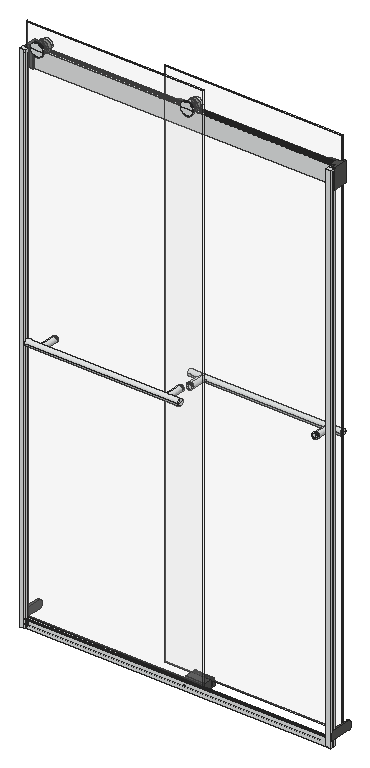
Revit family "Shower-Shower_Door-KOHLER-Levity_Plus-K-702422_1", category Specialty Equipment, host Face, Revit 2022 (continued)
Definition of nested family "K-702422"
  Lines and regions (in)
    symbolic lines, detail levels medium+fine
      curve 210: line (-25.03644, 0.32797, 37.83465) -> (-25.79766, 0.32797, 37.83465)
  Dimensions and locks (in)
    plane 5 "G" to level = 37.83465"
    "Walk Thru": plane 6 to plane 3 "Center (Left/Right)"
    locked: plane 7 to plane 6 at 0.77715
    locked: plane 6 to plane 8 "E" at 3.28921
    plane 9 to level = 71.53543"
    locked: plane 10 to plane 9 at 2.55906
    plane 14 to plane 15 = 6.92913"
    locked: plane 17 "C" to plane 8 "E" at 1.75
    locked: plane 7 to plane 20 at 0.34046
    locked: plane 19 "D" to plane 8 "E" at 25.2506
    locked: plane 10 to plane 18 "X" at 1.47897
    locked: plane 4 to plane 10 at 3.46457
    plane 4 to level = 77.55906"
    plane 21 to level = 77.55906"
    plane 7 to plane 22 = 44.64567"
    plane 3 "Center (Left/Right)" to plane 22 = 25.79766"
    plane 23 to level = 61.5748"
    locked: plane 24 "T" to plane 8 "E" at 19.87646
    locked: plane 3 "Center (Left/Right)" to plane 22 at 25.79766
    plane 26 to plane 27 = 22"
    locked: plane 28 to plane 29 at 22
    locked: plane 29 to plane 7 at 2.0865
    locked: plane 28 to plane 30 "H" at 1.9969
    Revolve 24 sketch curve to Revolve 24 sketch curve = 0.43307"
    locked: Masking region 3 sketch curve to plane 32 "R" at 0.38638
    locked: plane 30 "H" to Masking region 4 sketch curve at 0.40731
    locked: Revolve 31 sketch curve to plane 30 "H" at 0.40731
    locked: Revolve 32 sketch curve to plane 8 "E" at 0.40731
    aligned and locked: plane 2 to level
    aligned and locked: plane 6 to Extrusion 5
    aligned and locked: plane 6 to Extrusion 8
    aligned and locked: plane 7 to Extrusion 13 sketch curve
    aligned and locked: plane 7 to Extrusion 14
    aligned and locked: plane 20 to Extrusion 14
    aligned and locked: plane 6 to Extrusion 15 sketch curve
    aligned and locked: plane 7 to Extrusion 15 sketch curve
    aligned and locked: plane 20 to Extrusion 17 sketch curve
    aligned and locked: Masking region 1 sketch curve to plane 7
    aligned and locked: Masking region 1 sketch curve to Extrusion 13
    aligned and locked: Masking region 1 sketch curve to plane 6
    aligned and locked: Extrusion 13 to curve 47
    aligned and locked: Extrusion 9 to Revolve 19 sketch curve
    aligned and locked: plane 6 to Extrusion 21
    aligned and locked: Masking region 2 sketch curve to Extrusion 10
    aligned and locked: plane 20 to Masking region 3 sketch curve  (x2)
    aligned and locked: Masking region 3 sketch curve to Extrusion 13
    aligned and locked: plane 6 to Masking region 3 sketch curve  (x2)
    aligned and locked: plane 7 to Masking region 3 sketch curve
    aligned and locked: Extrusion 13 to Masking region 3 sketch curve
    aligned and locked: Masking region 4 sketch curve to Extrusion 17
    aligned and locked: Masking region 4 sketch curve to Revolve 11
    aligned and locked: plane 20 to Masking region 4 sketch curve
    aligned and locked: Masking region 4 sketch curve to Revolve 12  (x3)
    aligned and locked: plane 6 to curve 146
    aligned and locked: curve 147 to Extrusion 13
    aligned and locked: Revolve 24 sketch curve to plane 28
    aligned and locked: Revolve 24 sketch curve to plane 29
    aligned and locked: curve 191 to Revolve 23
    aligned and locked: Masking region 3 sketch curve to Masking region 3 sketch curve
    aligned and locked: plane 28 to Masking region 4 sketch curve
    aligned and locked: plane 29 to Masking region 4 sketch curve
    aligned and locked: Masking region 4 sketch curve to Masking region 4 sketch curve
    aligned and locked: curve 199 to Masking region 4  (x2)
    aligned and locked: curve 198 to Masking region 4
    aligned and locked: curve 203 to Masking region 3
    aligned and locked: Masking region 3 to Masking region 3
    aligned and locked: curve 203 to curve 205
    aligned and locked: curve 205 to Masking region 3
    aligned and locked: curve 99 to Masking region 3
    aligned and locked: curve 206 to Masking region 3
    aligned and locked: Masking region 3 to curve 206
    aligned and locked: Masking region 3 to curve 204
    aligned and locked: curve 208 to Masking region 3
    aligned and locked: curve 197 to Masking region 4
    aligned and locked: Revolve 31 sketch curve to plane 30 "H"  (x2)
    aligned and locked: Revolve 32 sketch curve to plane 8 "E"
    aligned and locked: plane 8 "E" to Revolve 32 sketch curve
    aligned and locked: Revolve 33 sketch curve to plane 28
    aligned and locked: Revolve 33 sketch curve to plane 33
    aligned and locked: Revolve 33 sketch curve to plane 29
    aligned and locked: Masking region 4 to curve 197
  Automatic sketch dimensions
    Extrusion 1 sketch curve to Extrusion 1 sketch curve = 0.03079"
    Extrusion 1 sketch curve to Extrusion 1 sketch curve = 0.2541"
    Extrusion 1 sketch curve to Extrusion 1 sketch curve = 0.25668"
    Extrusion 1 sketch curve to Extrusion 1 sketch curve = 0.0315"  (x2)
    Extrusion 1 sketch curve to Extrusion 1 sketch curve = 0.60218"
    Extrusion 1 sketch curve to Extrusion 1 sketch curve = 0.03039"
    Extrusion 1 sketch curve to plane 1 "Center (Front/Back)" = 0.35413"
    Extrusion 1 sketch curve to Extrusion 1 sketch curve = 0.47171"
    Extrusion 1 sketch curve to Extrusion 1 sketch curve = 1.10192"
    Extrusion 1 sketch curve to Extrusion 1 sketch curve = 0.00743"
    Extrusion 1 sketch curve to Extrusion 1 sketch curve = 0.34229"
    plane 1 "Center (Front/Back)" to Extrusion 2 sketch curve = 0"  (x2)
    Extrusion 2 sketch curve to Extrusion 2 sketch curve = 0.04131"
    Extrusion 2 sketch curve to Extrusion 2 sketch curve = 0.09136"
    Extrusion 2 sketch curve to Extrusion 2 sketch curve = 0.19461"  (x2)
    Extrusion 2 sketch curve to Extrusion 2 sketch curve = 0.14115"  (x2)
    plane 1 "Center (Front/Back)" to Extrusion 2 sketch curve = 0.32797"
    Extrusion 2 sketch curve to Extrusion 2 sketch curve = 0.00361"  (x2)
    Extrusion 2 sketch curve to Extrusion 2 sketch curve = 0.10339"
    plane 1 "Center (Front/Back)" to Extrusion 2 sketch curve = 0.30702"
    Extrusion 2 sketch curve to Extrusion 2 sketch curve = 0.03454"  (x2)
    Extrusion 2 sketch curve to Extrusion 2 sketch curve = 0.01994"  (x2)
    Extrusion 2 sketch curve to Extrusion 2 sketch curve = 0.04271"  (x2)
    Extrusion 2 sketch curve to Extrusion 2 sketch curve = 0.06265"
    Extrusion 2 sketch curve to plane 1 "Center (Front/Back)" = 0.20982"
    Extrusion 2 sketch curve to Extrusion 2 sketch curve = 0"
    Extrusion 2 sketch curve to plane 1 "Center (Front/Back)" = 0.22464"
    Extrusion 3 sketch curve to Extrusion 3 sketch curve = 0.05752"  (x2)
    plane 1 "Center (Front/Back)" to Extrusion 3 sketch curve = 0.32797"
    Extrusion 3 sketch curve to Extrusion 3 sketch curve = 0.59999"  (x2)
    Extrusion 3 sketch curve to Extrusion 3 sketch curve = 0.00361"  (x2)
    Extrusion 3 sketch curve to Extrusion 3 sketch curve = 0.10339"
    plane 1 "Center (Front/Back)" to Extrusion 3 sketch curve = 0.30702"
    Extrusion 3 sketch curve to Extrusion 3 sketch curve = 0.05449"  (x2)
    Extrusion 3 sketch curve to plane 1 "Center (Front/Back)" = 0.22464"
    Extrusion 3 sketch curve to plane 1 "Center (Front/Back)" = 0.25253"
    plane 1 "Center (Front/Back)" to Extrusion 4 sketch curve = 0.20982"
    Extrusion 4 sketch curve to Extrusion 4 sketch curve = 0.01972"
    Extrusion 4 sketch curve to Extrusion 4 sketch curve = 0.25882"
    level to Extrusion 4 sketch curve = 1.05663"
    Extrusion 4 sketch curve to Extrusion 4 sketch curve = 0.57809"
    Extrusion 5 sketch curve to level = 0"
    Extrusion 5 sketch curve to plane 1 "Center (Front/Back)" = 0"
    plane 1 "Center (Front/Back)" to Extrusion 5 sketch curve = 0.19878"
    Extrusion 5 sketch curve to plane 1 "Center (Front/Back)" = 3/128"
    Extrusion 5 sketch curve to Extrusion 5 sketch curve = 0.04434"
    Extrusion 5 sketch curve to Extrusion 5 sketch curve = 0.04019"
    Extrusion 5 sketch curve to Extrusion 5 sketch curve = 0.07819"
    Extrusion 5 sketch curve to Extrusion 5 sketch curve = 0.0297"
    Extrusion 5 sketch curve to Extrusion 5 sketch curve = 0.02696"
    level to Extrusion 5 sketch curve = 0.07959"
    Extrusion 5 sketch curve to plane 1 "Center (Front/Back)" = 0.14319"
    Extrusion 5 sketch curve to Extrusion 5 sketch curve = 0.05652"
    Extrusion 5 sketch curve to Extrusion 5 sketch curve = 0.06857"
    Extrusion 5 sketch curve to Extrusion 5 sketch curve = 0.02971"
    Extrusion 5 sketch curve to Extrusion 5 sketch curve = 0.03753"
    Extrusion 5 sketch curve to Extrusion 5 sketch curve = 0.02998"
    Extrusion 5 sketch curve to Extrusion 5 sketch curve = 45/128"
    Extrusion 5 sketch curve to Extrusion 5 sketch curve = 0.34333"
    Extrusion 5 sketch curve to Extrusion 5 sketch curve = 0.07224"
    Extrusion 5 sketch curve to Extrusion 5 sketch curve = 0.01101"
    Extrusion 5 sketch curve to Extrusion 5 sketch curve = 15/128"
    Extrusion 5 sketch curve to Extrusion 5 sketch curve = 0.50603"
    Extrusion 5 sketch curve to Extrusion 5 sketch curve = 0.00157"
    Extrusion 5 sketch curve to Extrusion 5 sketch curve = 0.02425"
    Extrusion 5 sketch curve to Extrusion 5 sketch curve = 0.01999"
    Extrusion 5 sketch curve to Extrusion 5 sketch curve = 0.04542"
    Extrusion 5 sketch curve to Extrusion 5 sketch curve = 0.01816"
    Revolve 6 sketch curve to plane 13 = 0"  (x2)
    Revolve 6 sketch curve to plane 1 "Center (Front/Back)" = 1.79905"
    Revolve 6 sketch curve to Revolve 6 sketch curve = 0.36643"
    Revolve 6 sketch curve to Revolve 6 sketch curve = 0.18701"  (x2)
    Revolve 6 sketch curve to Revolve 6 sketch curve = 0.13646"
    Revolve 6 sketch curve to Revolve 6 sketch curve = 0.19685"  (x2)
    Revolve 6 sketch curve to Revolve 6 sketch curve = 0.35769"
    Revolve 6 sketch curve to plane 1 "Center (Front/Back)" = 0.06827"
    Revolve 6 sketch curve to plane 1 "Center (Front/Back)" = 0.02811"
    plane 1 "Center (Front/Back)" to Revolve 6 sketch curve = 0.09751"
    Revolve 6 sketch curve to Revolve 6 sketch curve = 0.04293"
    plane 13 to Revolve 6 sketch curve = 0.4638"
    plane 13 to Revolve 6 sketch curve = 0.47661"
    Revolve 6 sketch curve to Revolve 6 sketch curve = 0.05951"
    Revolve 6 sketch curve to Revolve 6 sketch curve = 0.21742"
    Revolve 6 sketch curve to Revolve 6 sketch curve = 0.26917"
    Revolve 6 sketch curve to Revolve 6 sketch curve = 0.05219"
    Revolve 6 sketch curve to Revolve 6 sketch curve = 0.23207"
    Revolve 6 sketch curve to Revolve 6 sketch curve = 0.00276"
    Revolve 6 sketch curve to Revolve 6 sketch curve = 0.04017"
    Revolve 6 sketch curve to Revolve 6 sketch curve = 0.98425"
    Revolve 6 sketch curve to Revolve 6 sketch curve = 0"
    Revolve 7 sketch curve to plane 12 = 5.51575"  (x2)
    Revolve 7 sketch curve to plane 1 "Center (Front/Back)" = 1.79905"
    Revolve 7 sketch curve to Revolve 7 sketch curve = 0.36643"
    Revolve 7 sketch curve to Revolve 7 sketch curve = 0.18701"  (x2)
    Revolve 7 sketch curve to Revolve 7 sketch curve = 0.13646"
    Revolve 7 sketch curve to Revolve 7 sketch curve = 0.19685"  (x2)
    Revolve 7 sketch curve to Revolve 7 sketch curve = 0.35769"
    Revolve 7 sketch curve to plane 1 "Center (Front/Back)" = 0.06827"
    Revolve 7 sketch curve to plane 1 "Center (Front/Back)" = 0.02811"
    plane 1 "Center (Front/Back)" to Revolve 7 sketch curve = 0.09751"
    Revolve 7 sketch curve to Revolve 7 sketch curve = 0.04293"
    Revolve 7 sketch curve to plane 12 = 5.05195"
    Revolve 7 sketch curve to plane 12 = 5.03914"
    Revolve 7 sketch curve to Revolve 7 sketch curve = 0.05951"
    Revolve 7 sketch curve to Revolve 7 sketch curve = 0.21742"
    Revolve 7 sketch curve to Revolve 7 sketch curve = 0.26917"
    Revolve 7 sketch curve to Revolve 7 sketch curve = 0.05219"
    Revolve 7 sketch curve to Revolve 7 sketch curve = 0.23207"
    Revolve 7 sketch curve to Revolve 7 sketch curve = 0.00276"
    Revolve 7 sketch curve to Revolve 7 sketch curve = 0.04017"
    Revolve 7 sketch curve to Revolve 7 sketch curve = 0.98425"
    Revolve 7 sketch curve to Revolve 7 sketch curve = 0"
    Extrusion 8 sketch curve to plane 9 = 0"
    Extrusion 8 sketch curve to plane 10 = 0"  (x2)
    Extrusion 8 sketch curve to plane 1 "Center (Front/Back)" = 0.97838"
    Extrusion 8 sketch curve to plane 10 = 0.01983"
    Extrusion 8 sketch curve to Extrusion 8 sketch curve = 0.04771"
    Extrusion 8 sketch curve to plane 10 = 0.17086"
    Extrusion 8 sketch curve to Extrusion 8 sketch curve = 0.19946"
    Extrusion 8 sketch curve to Extrusion 8 sketch curve = 0.06749"
    Extrusion 8 sketch curve to Extrusion 8 sketch curve = 0.07625"
    Extrusion 8 sketch curve to plane 10 = 0.09209"
    Extrusion 8 sketch curve to Extrusion 8 sketch curve = 0.10945"
    Extrusion 8 sketch curve to Extrusion 8 sketch curve = 0.00724"
    Extrusion 8 sketch curve to Extrusion 8 sketch curve = 0.01781"
    Extrusion 8 sketch curve to Extrusion 8 sketch curve = 0.07472"
    plane 9 to Extrusion 8 sketch curve = 0.24844"
    Extrusion 8 sketch curve to Extrusion 8 sketch curve = 0.26709"
    Extrusion 8 sketch curve to Extrusion 8 sketch curve = 0.25238"
    Extrusion 8 sketch curve to Extrusion 8 sketch curve = 0.11432"
    Extrusion 8 sketch curve to Extrusion 8 sketch curve = 0.167"
    Extrusion 8 sketch curve to Extrusion 8 sketch curve = 0.38221"
    Extrusion 8 sketch curve to Extrusion 8 sketch curve = 0.02708"
    plane 9 to Extrusion 8 sketch curve = 0.06014"
    Extrusion 8 sketch curve to Extrusion 8 sketch curve = 0.03426"
    Extrusion 8 sketch curve to Extrusion 8 sketch curve = 0.04358"
    Extrusion 8 sketch curve to Extrusion 8 sketch curve = 0.05805"
    Extrusion 8 sketch curve to Extrusion 8 sketch curve = 0.04965"
    Extrusion 8 sketch curve to Extrusion 8 sketch curve = 0.03062"
    Extrusion 8 sketch curve to Extrusion 8 sketch curve = 0.27127"
    Extrusion 8 sketch curve to Extrusion 8 sketch curve = 0.01337"
    Extrusion 8 sketch curve to Extrusion 8 sketch curve = 1/8"
    Extrusion 8 sketch curve to Extrusion 8 sketch curve = 0.62317"
    Extrusion 8 sketch curve to Extrusion 8 sketch curve = 0.09894"
    Extrusion 8 sketch curve to Extrusion 8 sketch curve = 0.11003"
    Extrusion 8 sketch curve to Extrusion 8 sketch curve = 0.06863"
    Extrusion 8 sketch curve to Extrusion 8 sketch curve = 0.04403"
    Extrusion 8 sketch curve to Extrusion 8 sketch curve = 0.07343"
    Extrusion 8 sketch curve to Extrusion 8 sketch curve = 0.06223"
    Extrusion 9 sketch curve to plane 3 "Center (Left/Right)" = 0.06152"  (x2)
    Extrusion 9 sketch curve to plane 1 "Center (Front/Back)" = 0.7253"
    Extrusion 9 sketch curve to Extrusion 9 sketch curve = 0.156"  (x2)
    Extrusion 9 sketch curve to plane 3 "Center (Left/Right)" = 0.22365"
    Extrusion 9 sketch curve to Extrusion 9 sketch curve = 0.18895"
    Extrusion 10 sketch curve to level = 0"
    Extrusion 10 sketch curve to plane 1 "Center (Front/Back)" = 0.30693"
    Extrusion 10 sketch curve to Extrusion 10 sketch curve = 0.16911"
    Extrusion 10 sketch curve to Extrusion 10 sketch curve = 0.03435"
    Extrusion 10 sketch curve to Extrusion 10 sketch curve = 0.04675"
    Extrusion 10 sketch curve to Extrusion 10 sketch curve = 0.27567"
    Extrusion 10 sketch curve to Extrusion 10 sketch curve = 0.02104"  (x2)
    level to Extrusion 10 sketch curve = 0.22974"  (x2)
    Extrusion 10 sketch curve to Extrusion 10 sketch curve = 0.10752"
    Extrusion 10 sketch curve to Extrusion 10 sketch curve = 0.08964"  (x2)
    Extrusion 10 sketch curve to Extrusion 10 sketch curve = 0.18469"  (x2)
    level to Extrusion 10 sketch curve = 0.22333"  (x2)
    Extrusion 10 sketch curve to Extrusion 10 sketch curve = 0.08608"  (x2)
    Extrusion 10 sketch curve to plane 1 "Center (Front/Back)" = 0.99117"
    Extrusion 10 sketch curve to Extrusion 10 sketch curve = 0.41665"  (x2)
    Extrusion 10 sketch curve to Extrusion 10 sketch curve = 0.04608"  (x2)
    Extrusion 10 sketch curve to Extrusion 10 sketch curve = 1.03242"
    level to Extrusion 10 sketch curve = 1.02412"
    Extrusion 10 sketch curve to Extrusion 10 sketch curve = 0.04197"
    Extrusion 10 sketch curve to Extrusion 10 sketch curve = 0.13366"
    level to Extrusion 10 sketch curve = 1.04611"
    Extrusion 10 sketch curve to Extrusion 10 sketch curve = 0.02291"
    Extrusion 10 sketch curve to Extrusion 10 sketch curve = 0.2467"
    level to Extrusion 10 sketch curve = 0.08994"
    Extrusion 10 sketch curve to Extrusion 10 sketch curve = 0.03772"
    Extrusion 10 sketch curve to Extrusion 10 sketch curve = 0.08809"
    Extrusion 10 sketch curve to Extrusion 10 sketch curve = 0.08169"
    Extrusion 10 sketch curve to Extrusion 10 sketch curve = 0.79837"
    Extrusion 10 sketch curve to Extrusion 10 sketch curve = 0.00241"
    Extrusion 10 sketch curve to Extrusion 10 sketch curve = 0.0012"
    Extrusion 10 sketch curve to Extrusion 10 sketch curve = 0.02268"
    Extrusion 10 sketch curve to Extrusion 10 sketch curve = 0.02105"
    Extrusion 10 sketch curve to Extrusion 10 sketch curve = 0.00037"
    Extrusion 10 sketch curve to Extrusion 10 sketch curve = 1.18136"
    plane 18 "X" to Revolve 12 sketch curve = 0"  (x2)
    Revolve 12 sketch curve to plane 18 "X" = 0.60618"
    Revolve 12 sketch curve to Revolve 12 sketch curve = 0.05802"
    Revolve 12 sketch curve to Revolve 12 sketch curve = 0.12991"
    Revolve 12 sketch curve to Revolve 12 sketch curve = 0.23375"
    Revolve 12 sketch curve to Revolve 12 sketch curve = 0.00086"
    Revolve 12 sketch curve to Revolve 12 sketch curve = 0.04165"  (x2)
    Revolve 12 sketch curve to Revolve 12 sketch curve = 0.04078"
    Revolve 12 sketch curve to Revolve 12 sketch curve = 0.12631"
    Revolve 12 sketch curve to Revolve 12 sketch curve = 0.29364"
    Revolve 12 sketch curve to Revolve 12 sketch curve = 0.3614"
    Revolve 12 sketch curve to Revolve 12 sketch curve = 0.25664"
    Revolve 12 sketch curve to Revolve 12 sketch curve = 0.3937"
    Revolve 12 sketch curve to Revolve 12 sketch curve = 0.50511"
    plane 1 "Center (Front/Back)" to Extrusion 14 sketch curve = 0.23901"
    Extrusion 14 sketch curve to Extrusion 14 sketch curve = 0.01972"
    Extrusion 14 sketch curve to Extrusion 14 sketch curve = 0.25882"
    level to Extrusion 14 sketch curve = 2.13263"
    Extrusion 14 sketch curve to Extrusion 14 sketch curve = 0.57809"
    Extrusion 17 sketch curve to Extrusion 17 sketch curve = 0.04735"
    Extrusion 17 sketch curve to Extrusion 17 sketch curve = 0.156"  (x2)
    Extrusion 17 sketch curve to Extrusion 17 sketch curve = 0.21741"
    Extrusion 17 sketch curve to plane 19 "D" = 3.59121"
    Extrusion 17 sketch curve to Extrusion 17 sketch curve = 0.16214"
    Extrusion 18 sketch curve to plane 1 "Center (Front/Back)" = 0.32797"
    plane 1 "Center (Front/Back)" to Extrusion 18 sketch curve = 0.32797"
    Extrusion 18 sketch curve to Extrusion 18 sketch curve = 0.76451"
    Revolve 19 sketch curve to plane 12 = 5.51575"  (x2)
    Revolve 19 sketch curve to Revolve 19 sketch curve = 0.19685"  (x2)
    Revolve 19 sketch curve to Revolve 19 sketch curve = 0.13646"
    Revolve 19 sketch curve to Revolve 19 sketch curve = 0.37402"
    Revolve 19 sketch curve to Revolve 19 sketch curve = 0.36643"
    Revolve 19 sketch curve to plane 1 "Center (Front/Back)" = 0.06827"
    plane 1 "Center (Front/Back)" to Revolve 19 sketch curve = 0.14044"
    Revolve 19 sketch curve to plane 12 = 4.97963"
    Revolve 19 sketch curve to Revolve 19 sketch curve = 0.12453"
    Revolve 19 sketch curve to Revolve 19 sketch curve = 0.15792"
    Revolve 19 sketch curve to Revolve 19 sketch curve = 0.07232"
    Revolve 19 sketch curve to Revolve 19 sketch curve = 0.05219"
    Revolve 19 sketch curve to Revolve 19 sketch curve = 0.275"
    Revolve 19 sketch curve to Revolve 19 sketch curve = 0.31118"
    Revolve 20 sketch curve to plane 13 = 0"  (x2)
    Revolve 20 sketch curve to plane 1 "Center (Front/Back)" = 1.79905"
    Revolve 20 sketch curve to Revolve 20 sketch curve = 0.36643"
    Revolve 20 sketch curve to Revolve 20 sketch curve = 0.37402"
    Revolve 20 sketch curve to Revolve 20 sketch curve = 0.13646"
    Revolve 20 sketch curve to Revolve 20 sketch curve = 0.19685"  (x2)
    Revolve 20 sketch curve to plane 1 "Center (Front/Back)" = 0.06827"
    plane 1 "Center (Front/Back)" to Revolve 20 sketch curve = 0.14044"
    plane 13 to Revolve 20 sketch curve = 0.53612"
    Revolve 20 sketch curve to Revolve 20 sketch curve = 0.12453"
    Revolve 20 sketch curve to Revolve 20 sketch curve = 0.15792"
    Revolve 20 sketch curve to Revolve 20 sketch curve = 0.07232"
    Revolve 20 sketch curve to Revolve 20 sketch curve = 0.05219"
    Revolve 20 sketch curve to Revolve 20 sketch curve = 0.275"
    Revolve 20 sketch curve to Revolve 20 sketch curve = 0.31118"
    Extrusion 21 sketch curve to plane 10 = 0"
    Extrusion 21 sketch curve to plane 1 "Center (Front/Back)" = 0.97838"
    Extrusion 21 sketch curve to plane 9 = 0"
    Extrusion 21 sketch curve to Extrusion 21 sketch curve = 0.94794"
    plane 18 "X" to Revolve 11 sketch curve = 0"  (x2)
    Revolve 11 sketch curve to plane 10 = 0.53937"
    Revolve 11 sketch curve to Revolve 11 sketch curve = 0.04078"  (x2)
    Revolve 11 sketch curve to Revolve 11 sketch curve = 0.12631"
    Revolve 11 sketch curve to plane 10 = 0.58102"
    Revolve 11 sketch curve to Revolve 11 sketch curve = 0.04165"
    Revolve 11 sketch curve to Revolve 11 sketch curve = 0.29364"
    Revolve 11 sketch curve to Revolve 11 sketch curve = 0.3614"
    Revolve 11 sketch curve to Revolve 11 sketch curve = 0.25664"
    Revolve 11 sketch curve to plane 18 "X" = 0.60618"
    Revolve 11 sketch curve to Revolve 11 sketch curve = 0.05802"
    Revolve 11 sketch curve to Revolve 11 sketch curve = 0.12991"
    Revolve 11 sketch curve to Revolve 11 sketch curve = 0.3937"
    Revolve 11 sketch curve to Revolve 11 sketch curve = 0.50511"
    Extrusion 1 sketch curve to plane 22 = 0"
    plane 22 to Extrusion 1 sketch curve = 0.0315"
    plane 22 to Extrusion 1 sketch curve = 81/256"
    Extrusion 2 sketch curve to plane 22 = 0"  (x2)
    plane 22 to Extrusion 2 sketch curve = 0.05752"  (x2)
    plane 22 to Extrusion 2 sketch curve = 0.18908"
    Extrusion 3 sketch curve to plane 22 = 0"
    plane 22 to Extrusion 9 sketch curve = 0.56656"
    Extrusion 18 sketch curve to plane 22 = 0"
    curve 13 to plane 9 = 0.19502"
    plane 10 to curve 24 = 0.183"
    curve 21 to curve 24 = 0.03682"
    plane 10 to curve 13 = 0.21982"
    curve 8 to curve 21 = 0.0365"
    level to curve 30 = 0.72015"
    level to curve 23 = 0.08036"
    curve 21 to plane 1 "Center (Front/Back)" = 0.4133"
    curve 30 to plane 1 "Center (Front/Back)" = 0.4133"
    curve 1 to curve 22 = 0.05917"
    curve 21 to curve 20 = 0.02657"
    curve 21 to curve 24 = 0.08166"
    plane 1 "Center (Front/Back)" to curve 32 = 0.20982"
    curve 23 to curve 24 = 0.06265"
    curve 20 to plane 9 = 0.07481"
    curve 22 to curve 20 = 0.00106"
    plane 9 to curve 18 = 0.1405"
    curve 18 to curve 17 = 0"  (x2)
    curve 14 to curve 17 = 0.2754"
    curve 16 to curve 14 = 0.05796"
    curve 15 to curve 16 = 0.00005"
    curve 16 to plane 18 "X" = 0.60623"
    curve 15 to curve 16 = 0"
    curve 14 to curve 15 = 0.05796"
    curve 18 to curve 14 = 0.2754"
    curve 7 to plane 11 "A" = 0.4638"
    curve 6 to curve 7 = 0"
    curve 4 to curve 6 = 0.07232"
    curve 3 to curve 4 = 0"
    curve 9 to plane 1 "Center (Front/Back)" = 0.06827"
    curve 9 to curve 7 = 0.19685"
    curve 2 to curve 3 = 0.15792"
    curve 5 to curve 4 = 0.19685"
    curve 11 to plane 1 "Center (Front/Back)" = 0.02728"
    curve 11 to curve 9 = 0.27504"
    curve 11 to curve 10 = 0"
    curve 35 to curve 30 = 1.41249"
    curve 33 to curve 35 = 0"
    curve 34 to curve 35 = 0"
    curve 29 to curve 30 = 0.33649"
    curve 28 to curve 29 = 0"
    curve 29 to curve 36 = 0"
    curve 23 to curve 27 = 0"
    curve 18 to curve 12 = 0.58856"
    curve 18 to curve 17 = 0.12631"
    curve 17 to curve 14 = 0.04165"
    curve 28 to curve 28 = 0.17689"
    curve 14 to curve 15 = 0.29364"
    curve 28 to curve 33 = 0.08175"
    curve 15 to curve 16 = 0.0494"
    curve 28 to curve 29 = 0.08175"
    curve 13 to curve 19 = 0.23444"
    curve 33 to curve 33 = 0.312"
    curve 12 to curve 12 = 0.23444"
    curve 19 to curve 1 = 0.36888"
    curve 2 to curve 6 = 1.01932"
    curve 2 to curve 3 = 0.37402"
    curve 29 to curve 31 = 0.62292"
    curve 3 to curve 4 = 0.13646"
    curve 4 to curve 5 = 0.19685"
    curve 34 to curve 35 = 0.45283"
    curve 29 to curve 36 = 0.31092"
    curve 30 to curve 30 = 0.19605"
    curve 34 to curve 35 = 0.14083"
    curve 6 to curve 7 = 0.04569"
    curve 32 to curve 26 = 0.05556"
    curve 35 to curve 35 = 0.05509"
    curve 37 to curve 36 = 0.03445"
    curve 26 to curve 25 = 0.06265"
    plane 1 "Center (Front/Back)" to curve 10 = 0.09747"
    curve 10 to curve 8 = 11/256"
    curve 55 to plane 9 = 0.07375"
    curve 55 to curve 55 = 0.23444"
    curve 54 to plane 9 = 0.07375"
    curve 54 to plane 1 "Center (Front/Back)" = 0.7253"
    curve 54 to curve 54 = 0.312"
    curve 56 to plane 1 "Center (Front/Back)" = 0.32797"
    plane 1 "Center (Front/Back)" to curve 56 = 0.14044"
    plane 10 to curve 56 = 0.21982"
    Extrusion 13 sketch curve to plane 25 = 1.83498"
    Extrusion 13 sketch curve to Extrusion 13 sketch curve = 0.10187"
    Extrusion 13 sketch curve to plane 20 = 0.03713"
    Extrusion 13 sketch curve to Extrusion 13 sketch curve = 0.20309"
    plane 20 to Extrusion 13 sketch curve = 0.05161"
    Extrusion 13 sketch curve to Extrusion 13 sketch curve = 0.06158"
    Extrusion 13 sketch curve to plane 25 = 51/128"
    Extrusion 13 sketch curve to Extrusion 13 sketch curve = 0.06723"
    plane 20 to Extrusion 13 sketch curve = 0.01208"
    Extrusion 13 sketch curve to Extrusion 13 sketch curve = 0.06013"
    plane 25 to Extrusion 13 sketch curve = 0.19477"
    Extrusion 13 sketch curve to plane 20 = 0.03488"
    Extrusion 13 sketch curve to plane 6 = 0.14544"
    Extrusion 15 sketch curve to plane 7 = 0"
    plane 25 to Extrusion 15 sketch curve = 0.24174"
    Extrusion 15 sketch curve to Extrusion 15 sketch curve = 0.07874"  (x2)
    plane 1 "Center (Front/Back)" to Extrusion 15 sketch curve = 0.23901"
    plane 6 to Extrusion 15 sketch curve = 0.07874"
    Extrusion 16 sketch curve to plane 6 = 0"
    Extrusion 16 sketch curve to plane 7 = 0"
    plane 1 "Center (Front/Back)" to Extrusion 16 sketch curve = 0.31775"
    plane 25 to Extrusion 16 sketch curve = 0.24174"
    Masking region 1 sketch curve to plane 22 = 0"
    Masking region 1 sketch curve to plane 4 = 0"
    Masking region 1 sketch curve to level = 0"
    Masking region 1 sketch curve to plane 20 = 0"
    plane 22 to Masking region 1 sketch curve = 0.32149"
    plane 22 to Masking region 1 sketch curve = 0.32175"
    level to Masking region 1 sketch curve = 0.07959"
    level to Masking region 1 sketch curve = 0.08036"
    plane 10 to Masking region 1 sketch curve = 0.25632"
    Revolve 22 sketch curve to plane 5 "G" = 0"  (x2)
    plane 5 "G" to Revolve 22 sketch curve = 0.40731"
    Revolve 22 sketch curve to plane 25 = 1.55027"
    Revolve 22 sketch curve to Revolve 22 sketch curve = 0.03915"
    Revolve 22 sketch curve to Revolve 22 sketch curve = 0.19685"  (x2)
    Revolve 22 sketch curve to Revolve 22 sketch curve = 0.02445"
    Revolve 22 sketch curve to Revolve 22 sketch curve = 0.04375"
    Revolve 22 sketch curve to Revolve 22 sketch curve = 0.26419"
    Revolve 23 sketch curve to plane 1 "Center (Front/Back)" = 2.08042"
    Revolve 23 sketch curve to plane 5 "G" = 0.42227"
    Revolve 23 sketch curve to plane 5 "G" = 0.40731"
    Revolve 23 sketch curve to Revolve 23 sketch curve = 0.02445"
    Revolve 23 sketch curve to Revolve 23 sketch curve = 0.04375"
    Revolve 23 sketch curve to plane 1 "Center (Front/Back)" = 1.85912"
    Revolve 23 sketch curve to Revolve 23 sketch curve = 0.39781"
    Revolve 23 sketch curve to Revolve 23 sketch curve = 0"
    Revolve 23 sketch curve to plane 1 "Center (Front/Back)" = 1.66227"
    Revolve 23 sketch curve to Revolve 23 sketch curve = 0.26419"
    Revolve 25 sketch curve to plane 5 "G" = 0"  (x2)
    Revolve 25 sketch curve to plane 16 = 0"
    Revolve 25 sketch curve to plane 25 = 0.14179"
    Revolve 25 sketch curve to Revolve 25 sketch curve = 0.05866"
    Revolve 25 sketch curve to Revolve 25 sketch curve = 0.20589"
    Revolve 25 sketch curve to Revolve 25 sketch curve = 0.23232"
    plane 5 "G" to Revolve 25 sketch curve = 0.26853"
    Revolve 25 sketch curve to Revolve 25 sketch curve = 0.10521"
    plane 14 to Revolve 25 sketch curve = 0.20073"
    Revolve 25 sketch curve to Revolve 25 sketch curve = 0.3937"
    Revolve 26 sketch curve to plane 5 "G" = 0"  (x2)
    Revolve 26 sketch curve to plane 16 = 0"
    Revolve 26 sketch curve to plane 25 = 0.14179"
    Revolve 26 sketch curve to Revolve 26 sketch curve = 0.05866"
    Revolve 26 sketch curve to Revolve 26 sketch curve = 0.20589"
    Revolve 26 sketch curve to Revolve 26 sketch curve = 0.23232"
    plane 5 "G" to Revolve 26 sketch curve = 0.26853"
    Revolve 26 sketch curve to Revolve 26 sketch curve = 0.10521"
    plane 14 to Revolve 26 sketch curve = 0.73747"
    Revolve 26 sketch curve to Revolve 26 sketch curve = 0.59055"
    plane 16 to Revolve 27 sketch curve = 0"  (x2)
    Revolve 27 sketch curve to plane 27 = 0"
    plane 14 to Revolve 27 sketch curve = 0"
    Revolve 27 sketch curve to plane 26 = 0"
    Revolve 27 sketch curve to plane 27 = 0.04829"
    plane 26 to Revolve 27 sketch curve = 0.05182"
    Revolve 27 sketch curve to plane 14 = 0.05182"
    Revolve 27 sketch curve to plane 14 = 0.04829"
    Revolve 27 sketch curve to Revolve 27 sketch curve = 0.69307"
    Revolve 27 sketch curve to Revolve 27 sketch curve = 0.46492"
    Extrusion 4 sketch curve to plane 15 = 1.9848"
    Revolve 11 sketch curve to plane 15 = 1.87009"
    Revolve 12 sketch curve to plane 15 = 1.87009"
    Extrusion 14 sketch curve to plane 15 = 1.9848"
    Extrusion 17 sketch curve to plane 25 = 1.91063"
    curve 13 to curve 2 = 0.96975"
    curve 55 to curve 54 = 1.44263"
    Revolve 22 sketch curve to plane 15 = 0.42487"
    Revolve 23 sketch curve to plane 15 = 0.42487"
    Revolve 24 sketch curve to plane 15 = 0"
    Revolve 24 sketch curve to plane 28 = 0"
    plane 29 to Revolve 24 sketch curve = 0.04987"
    plane 28 to Revolve 24 sketch curve = 0.0499"
    Revolve 24 sketch curve to plane 15 = 0.04987"
    Revolve 24 sketch curve to plane 15 = 0.0499"
    Revolve 24 sketch curve to Revolve 24 sketch curve = 0.51786"
    Revolve 24 sketch curve to Revolve 24 sketch curve = 0"
    Masking region 2 sketch curve to Masking region 2 sketch curve = 0"  (x11)
    Masking region 2 sketch curve to plane 5 "G" = 0"  (x4)
    plane 33 to Masking region 2 sketch curve = 0.01181"
    Masking region 2 sketch curve to level = 0"  (x2)
    Masking region 2 sketch curve to plane 4 = 0"  (x2)
    plane 11 "A" to Masking region 2 sketch curve = 0"
    Masking region 2 sketch curve to plane 16 = 0"
    Masking region 2 sketch curve to plane 14 = 0"
    plane 33 to Masking region 2 sketch curve = 0.19076"  (x2)
    plane 33 to Masking region 2 sketch curve = 1.29292"
    Masking region 2 sketch curve to plane 10 = 0.58016"
    plane 33 to Masking region 2 sketch curve = 1.43702"
    Masking region 2 sketch curve to plane 10 = 0.53937"
    Masking region 2 sketch curve to Masking region 2 sketch curve = 0.04078"  (x3)
    plane 9 to Masking region 2 sketch curve = 0.1405"
    Masking region 2 sketch curve to Masking region 2 sketch curve = 0.23909"
    Masking region 2 sketch curve to Masking region 2 sketch curve = 0.25882"
    Masking region 2 sketch curve to Masking region 2 sketch curve = 0.12631"  (x2)
    Masking region 2 sketch curve to Masking region 2 sketch curve = 0.04165"  (x4)
    Masking region 2 sketch curve to Masking region 2 sketch curve = 0.14277"
    Masking region 2 sketch curve to Masking region 2 sketch curve = 0.19815"
    Masking region 2 sketch curve to Masking region 2 sketch curve = 0.17689"
    level to Masking region 2 sketch curve = 0.22974"
    Masking region 2 sketch curve to Masking region 2 sketch curve = 0.2467"
    Masking region 2 sketch curve to Masking region 2 sketch curve = 0.29364"  (x2)
    Masking region 2 sketch curve to Masking region 2 sketch curve = 0.04655"
    Masking region 2 sketch curve to Masking region 2 sketch curve = 0.0352"
    Masking region 2 sketch curve to Masking region 2 sketch curve = 0.43707"
    Masking region 2 sketch curve to plane 25 = 1.91063"
    Masking region 2 sketch curve to Masking region 2 sketch curve = 0.0494"
    Masking region 2 sketch curve to Masking region 2 sketch curve = 0.08964"
    Masking region 2 sketch curve to Masking region 2 sketch curve = 0.18469"
    level to Masking region 2 sketch curve = 0.22333"  (x2)
    Masking region 2 sketch curve to Masking region 2 sketch curve = 0.08608"  (x2)
    Masking region 2 sketch curve to plane 9 = 0.07375"  (x2)
    Masking region 2 sketch curve to Masking region 2 sketch curve = 0.3614"
    Masking region 2 sketch curve to Masking region 2 sketch curve = 0.312"  (x2)
    plane 10 to Masking region 2 sketch curve = 0.21982"  (x2)
    Masking region 2 sketch curve to Masking region 2 sketch curve = 0.69668"
    Masking region 2 sketch curve to Masking region 2 sketch curve = 0.02306"
    Masking region 2 sketch curve to Masking region 2 sketch curve = 0.01593"  (x2)
    Masking region 2 sketch curve to Masking region 2 sketch curve = 0.04836"  (x2)
    Masking region 2 sketch curve to Masking region 2 sketch curve = 0.03015"  (x2)
    Masking region 2 sketch curve to Masking region 2 sketch curve = 0.04215"  (x2)
    Masking region 2 sketch curve to Masking region 2 sketch curve = 0.19524"  (x2)
    Masking region 2 sketch curve to Masking region 2 sketch curve = 0.02407"
    Masking region 2 sketch curve to Masking region 2 sketch curve = 0.36888"
    Masking region 2 sketch curve to Masking region 2 sketch curve = 0.36643"
    Masking region 2 sketch curve to Masking region 2 sketch curve = 0.18701"  (x2)
    Masking region 2 sketch curve to plane 25 = 0.43192"
    Masking region 2 sketch curve to plane 25 = 27/64"
    Masking region 2 sketch curve to Masking region 2 sketch curve = 0.01285"
    Masking region 2 sketch curve to Masking region 2 sketch curve = 0.03041"  (x2)
    Masking region 2 sketch curve to Masking region 2 sketch curve = 0.13646"
    Masking region 2 sketch curve to plane 25 = 0.22479"
    Masking region 2 sketch curve to Masking region 2 sketch curve = 0.17672"
    Masking region 2 sketch curve to plane 25 = 0.156"  (x3)
    Masking region 2 sketch curve to plane 25 = 0.13825"
    Masking region 2 sketch curve to plane 25 = 0.04861"
    Masking region 2 sketch curve to plane 25 = 0.03418"
    plane 25 to Masking region 2 sketch curve = 0.01216"
    plane 25 to Masking region 2 sketch curve = 0.05891"
    Masking region 2 sketch curve to Masking region 2 sketch curve = 0.01566"
    Masking region 2 sketch curve to Masking region 2 sketch curve = 0.03435"
    plane 25 to Masking region 2 sketch curve = 0.156"  (x3)
    plane 25 to Masking region 2 sketch curve = 0.20169"
    Masking region 2 sketch curve to Masking region 2 sketch curve = 0.08168"  (x2)
    Masking region 2 sketch curve to Masking region 2 sketch curve = 0.14801"
    Masking region 2 sketch curve to plane 1 "Center (Front/Back)" = 0.06827"
    Masking region 2 sketch curve to plane 1 "Center (Front/Back)" = 0.02728"
    plane 1 "Center (Front/Back)" to Masking region 2 sketch curve = 0.09747"
    Masking region 2 sketch curve to Masking region 2 sketch curve = 11/256"  (x2)
    plane 1 "Center (Front/Back)" to Masking region 2 sketch curve = 0.19878"
    plane 1 "Center (Front/Back)" to Masking region 2 sketch curve = 0.32797"
    Masking region 2 sketch curve to Masking region 2 sketch curve = 0.12919"
    Masking region 2 sketch curve to plane 16 = 0.218"  (x2)
    level to Masking region 2 sketch curve = 0.07959"
    level to Masking region 2 sketch curve = 0.08036"
    Masking region 2 sketch curve to Masking region 2 sketch curve = 0.01035"
    Masking region 2 sketch curve to Masking region 2 sketch curve = 0.03772"
    Masking region 2 sketch curve to Masking region 2 sketch curve = 0.08169"
    Masking region 2 sketch curve to Masking region 2 sketch curve = 0.08809"  (x2)
    Masking region 2 sketch curve to Masking region 2 sketch curve = 0.66504"
    Masking region 2 sketch curve to Masking region 2 sketch curve = 0.12537"
    Masking region 2 sketch curve to Masking region 2 sketch curve = 0.00241"
    Masking region 2 sketch curve to Masking region 2 sketch curve = 0.1603"
    Masking region 2 sketch curve to Masking region 2 sketch curve = 0.57809"
    Masking region 2 sketch curve to Masking region 2 sketch curve = 0.11658"
    Masking region 2 sketch curve to Masking region 2 sketch curve = 0.0149"
    Masking region 2 sketch curve to plane 5 "G" = 0.40362"
    Masking region 2 sketch curve to Masking region 2 sketch curve = 0.01158"
    Masking region 2 sketch curve to Masking region 2 sketch curve = 0.00566"
    plane 5 "G" to Masking region 2 sketch curve = 0.19354"
    plane 5 "G" to Masking region 2 sketch curve = 0.3551"
    Masking region 2 sketch curve to Masking region 2 sketch curve = 23/128"
    plane 5 "G" to Masking region 2 sketch curve = 0.38638"
    Masking region 2 sketch curve to Masking region 2 sketch curve = 0.04303"
    Masking region 2 sketch curve to Masking region 2 sketch curve = 1 53/64"
    Masking region 2 sketch curve to Masking region 2 sketch curve = 1/8"  (x5)
    Masking region 2 sketch curve to plane 23 = 8.50839"
    Masking region 2 sketch curve to Masking region 2 sketch curve = 0.23375"
    Masking region 2 sketch curve to Masking region 2 sketch curve = 0.05802"  (x2)
    Masking region 2 sketch curve to Masking region 2 sketch curve = 0.33341"
    Masking region 2 sketch curve to plane 11 "A" = 0.46027"
    Masking region 2 sketch curve to plane 11 "A" = 0.4638"
    Masking region 2 sketch curve to Masking region 2 sketch curve = 0.07585"
    Masking region 2 sketch curve to Masking region 2 sketch curve = 0.19685"  (x2)
    Masking region 2 sketch curve to Masking region 2 sketch curve = 0.23377"
    Masking region 2 sketch curve to Masking region 2 sketch curve = 0.01326"
    Masking region 2 sketch curve to Masking region 2 sketch curve = 0.23286"
    Masking region 2 sketch curve to Masking region 2 sketch curve = 0.00198"
    curve 174 to curve 175 = 0"  (x2)
    curve 175 to plane 5 "G" = 0"
    curve 175 to plane 16 = 0"
    curve 177 to plane 5 "G" = 0"
    curve 176 to plane 5 "G" = 0"
    plane 33 to curve 177 = 0.0041"
    curve 177 to curve 176 = 0.03451"
    curve 175 to plane 16 = 0.218"  (x2)
    plane 1 "Center (Front/Back)" to curve 173 = 0.32797"
    plane 25 to curve 172 = 0.23768"
    curve 172 to curve 171 = 0.08168"
    curve 170 to plane 25 = 0.156"
    plane 5 "G" to curve 169 = 0.40731"
    curve 170 to curve 169 = 1.39427"
    curve 169 to curve 168 = 0.04836"
    curve 168 to curve 167 = 0.312"
    plane 33 to curve 176 = 0.19076"  (x2)
    curve 175 to plane 5 "G" = 0.38638"
    curve 171 to plane 5 "G" = 0.38638"
    curve 172 to curve 171 = 0"  (x2)
    curve 173 to plane 5 "G" = 0.38638"
    curve 170 to curve 171 = 0.00566"
    curve 167 to plane 5 "G" = 0.40731"
    curve 169 to curve 167 = 0"  (x2)
    curve 169 to curve 168 = 0"  (x2)
    curve 176 to plane 5 "G" = 0.40731"
    plane 5 "G" to curve 173 = 0.38638"
    plane 5 "G" to curve 171 = 0.38638"
    curve 171 to curve 170 = 0.00566"
    plane 25 to Masking region 3 sketch curve = 0"  (x3)
    Masking region 3 sketch curve to plane 27 = 0"
    Masking region 3 sketch curve to plane 26 = 0"
    Masking region 3 sketch curve to plane 16 = 0.44363"  (x3)
    plane 14 to Masking region 3 sketch curve = 0"
    Masking region 3 sketch curve to plane 25 = 0.156"  (x5)
    Masking region 3 sketch curve to Masking region 3 sketch curve = 0.05623"  (x4)
    plane 20 to Masking region 3 sketch curve = 0.06248"
    Masking region 3 sketch curve to plane 25 = 0.26873"
    Masking region 3 sketch curve to Masking region 3 sketch curve = 0.13204"
    Masking region 3 sketch curve to plane 25 = 0.31953"
    Masking region 3 sketch curve to Masking region 3 sketch curve = 0.03039"
    Masking region 3 sketch curve to Masking region 3 sketch curve = 0.19685"  (x5)
    Masking region 3 sketch curve to Masking region 3 sketch curve = 0.25308"  (x2)
    Masking region 3 sketch curve to Masking region 3 sketch curve = 0.07787"
    Masking region 3 sketch curve to Masking region 3 sketch curve = 0.94794"  (x2)
    Masking region 3 sketch curve to plane 3 "Center (Left/Right)" = 0.34077"  (x2)
    Masking region 3 sketch curve to Masking region 3 sketch curve = 0.08427"
    Masking region 3 sketch curve to Masking region 3 sketch curve = 0.09483"
    plane 22 to Masking region 3 sketch curve = 0.31967"  (x2)
    Masking region 3 sketch curve to Masking region 3 sketch curve = 0.0074"
    plane 20 to Masking region 3 sketch curve = 0.05343"
    Masking region 3 sketch curve to Masking region 3 sketch curve = 0.86763"
    Masking region 3 sketch curve to Masking region 3 sketch curve = 1.11181"
    Masking region 3 sketch curve to Masking region 3 sketch curve = 1.14727"
    plane 3 "Center (Left/Right)" to Masking region 3 sketch curve = 0.00111"
    plane 25 to Masking region 3 sketch curve = 0.01021"
    plane 25 to Masking region 3 sketch curve = 0.24174"
    plane 1 "Center (Front/Back)" to Masking region 3 sketch curve = 0.19878"  (x3)
    plane 1 "Center (Front/Back)" to Masking region 3 sketch curve = 0.31775"
    Masking region 3 sketch curve to Masking region 3 sketch curve = 0.04829"
    Masking region 3 sketch curve to Masking region 3 sketch curve = 0.05182"
    Masking region 3 sketch curve to plane 14 = 0.05182"
    Masking region 3 sketch curve to plane 14 = 0.04829"
    Masking region 3 sketch curve to Masking region 3 sketch curve = 0.02644"
    Masking region 3 sketch curve to Masking region 3 sketch curve = 0.18895"
    Masking region 3 sketch curve to Masking region 3 sketch curve = 0.38679"
    Masking region 3 sketch curve to Masking region 3 sketch curve = 85/128"
    Masking region 3 sketch curve to plane 26 = 0.49039"
    plane 26 to Masking region 3 sketch curve = 0.05182"  (x2)
    plane 26 to Masking region 3 sketch curve = 0.7787"
    Masking region 3 sketch curve to plane 31 "P" = 0.40028"
    Masking region 3 sketch curve to Masking region 3 sketch curve = 0.0135"
    Masking region 3 sketch curve to plane 31 "P" = 0.38638"
    plane 31 "P" to Masking region 3 sketch curve = 0.2764"
    plane 31 "P" to Masking region 3 sketch curve = 0.38638"
    Masking region 3 sketch curve to Masking region 3 sketch curve = 0.11038"
    plane 32 "R" to Masking region 3 sketch curve = 0.40837"
    plane 32 "R" to Masking region 3 sketch curve = 0.60522"
    Masking region 3 sketch curve to plane 27 = 0.04829"  (x2)
    Masking region 3 sketch curve to Masking region 3 sketch curve = 0.11712"
    plane 32 "R" to Masking region 3 sketch curve = 0.38638"
    Masking region 4 sketch curve to plane 15 = 0"
    Masking region 4 sketch curve to plane 24 "T" = 0"
    Masking region 4 sketch curve to plane 17 "C" = 0"
    Masking region 4 sketch curve to plane 15 = 0.0499"
    Masking region 4 sketch curve to plane 15 = 0.05086"
    plane 33 to Masking region 4 sketch curve = 0.38317"
    plane 33 to Masking region 4 sketch curve = 0.3832"
    plane 33 to Masking region 4 sketch curve = 0.43307"  (x2)
    Masking region 4 sketch curve to Masking region 4 sketch curve = 0.04987"
    Masking region 4 sketch curve to Masking region 4 sketch curve = 0.04087"  (x4)
    Masking region 4 sketch curve to plane 6 = 0.59954"
    Masking region 4 sketch curve to Masking region 4 sketch curve = 0.04088"  (x4)
    Masking region 4 sketch curve to Masking region 4 sketch curve = 0.12612"  (x2)
    Masking region 4 sketch curve to Masking region 4 sketch curve = 0.12614"
    Masking region 4 sketch curve to Masking region 4 sketch curve = 0.04173"  (x4)
    Masking region 4 sketch curve to Masking region 4 sketch curve = 0.04175"  (x3)
    Masking region 4 sketch curve to Masking region 4 sketch curve = 0.29364"  (x3)
    Masking region 4 sketch curve to plane 8 "E" = 0.40731"
    Masking region 4 sketch curve to Masking region 4 sketch curve = 0.0494"  (x3)
    plane 20 to Masking region 4 sketch curve = 0.04529"
    Masking region 4 sketch curve to Masking region 4 sketch curve = 0.38477"
    Masking region 4 sketch curve to Masking region 4 sketch curve = 0.2179"
    Masking region 4 sketch curve to Masking region 4 sketch curve = 0.312"  (x3)
    Masking region 4 sketch curve to Masking region 4 sketch curve = 0.156"
    Masking region 4 sketch curve to Masking region 4 sketch curve = 0.24162"  (x5)
    Masking region 4 sketch curve to plane 28 = 0.796"
    Masking region 4 sketch curve to plane 28 = 0.59241"
    Masking region 4 sketch curve to Masking region 4 sketch curve = 0.23375"  (x2)
    Masking region 4 sketch curve to Masking region 4 sketch curve = 0.05836"  (x2)
    plane 28 to Masking region 4 sketch curve = 0.0499"  (x2)
    Masking region 4 sketch curve to plane 24 "T" = 0.60584"
    Masking region 4 sketch curve to Masking region 4 sketch curve = 0.13025"
    Masking region 4 sketch curve to Masking region 4 sketch curve = 0.00086"
    plane 30 "H" to Masking region 4 sketch curve = 0.42293"
    Masking region 4 sketch curve to Masking region 4 sketch curve = 1/64"
    plane 8 "E" to Masking region 4 sketch curve = 0.40731"  (x2)
    Masking region 4 sketch curve to Masking region 4 sketch curve = 0.40302"
    plane 17 "C" to Masking region 4 sketch curve = 0.73868"
    Masking region 4 sketch curve to Masking region 4 sketch curve = 0.07448"
    Masking region 4 sketch curve to Masking region 4 sketch curve = 0.05989"  (x2)
    plane 29 to Masking region 4 sketch curve = 0.05086"
    plane 29 to Masking region 4 sketch curve = 0.04987"
    Masking region 4 sketch curve to plane 29 = 0.37445"
    Masking region 4 sketch curve to Masking region 4 sketch curve = 0.13437"
    Masking region 4 sketch curve to Masking region 4 sketch curve = 0"  (x2)
    curve 149 to plane 7 = 0"
    curve 58 to plane 22 = 0"
    curve 150 to plane 20 = 0"
    curve 166 to plane 20 = 0"
    plane 25 to curve 62 = 0"
    plane 25 to curve 126 = 0"
    curve 165 to plane 7 = 0"
    curve 64 to plane 22 = 0"
    curve 148 to plane 7 = 0"
    curve 148 to plane 20 = 0"
    curve 166 to plane 25 = 0.02302"
    curve 138 to plane 25 = 0.35285"
    curve 129 to curve 130 = 0.13646"
    curve 90 to plane 25 = 0.48931"
    curve 93 to curve 92 = 0.18701"
    curve 96 to curve 95 = 0.18701"
    curve 132 to curve 134 = 0.18701"
    curve 136 to curve 137 = 0.18701"
    curve 89 to curve 96 = 0.18701"
    curve 128 to curve 132 = 0.18701"
    curve 94 to curve 94 = 0.36643"
    curve 127 to curve 133 = 0.36643"
    curve 150 to plane 20 = 0.10187"
    curve 150 to curve 166 = 1.71009"
    plane 22 to curve 59 = 0.28489"
    curve 59 to curve 88 = 0.56828"
    plane 22 to curve 58 = 0.03079"
    curve 58 to curve 59 = 0.00425"
    plane 25 to curve 165 = 0.07886"
    plane 25 to curve 61 = 0.156"
    plane 22 to curve 64 = 0.0315"
    plane 25 to curve 64 = 0.18367"
    curve 65 to curve 63 = 0.02992"
    plane 25 to curve 80 = 0.20169"
    curve 118 to curve 118 = 0.04569"
    curve 75 to plane 1 "Center (Front/Back)" = 0.06827"
    curve 115 to plane 1 "Center (Front/Back)" = 0.06827"
    curve 121 to plane 1 "Center (Front/Back)" = 0.02811"
    curve 75 to plane 1 "Center (Front/Back)" = 0.02811"
    plane 1 "Center (Front/Back)" to curve 114 = 0.09751"
    plane 1 "Center (Front/Back)" to curve 82 = 0.09751"
    curve 68 to curve 81 = 0.04293"
    curve 110 to curve 119 = 0.04293"
    curve 66 to curve 61 = 0.05608"
    curve 97 to curve 75 = 0.61787"
    curve 69 to curve 70 = 0.04017"
    curve 68 to curve 73 = 0.04293"
    curve 90 to plane 26 = 0.50364"
    curve 89 to curve 91 = 0.05219"
    curve 70 to curve 71 = 0.23484"
    curve 93 to plane 26 = 0.21175"
    plane 26 to curve 96 = 0.69692"
    curve 96 to curve 71 = 0.20632"
    curve 96 to curve 88 = 0.2397"
    curve 94 to curve 89 = 0.05219"
    curve 80 to curve 67 = 0.23207"
    curve 67 to curve 70 = 0.00276"
    curve 67 to curve 68 = 0.04293"
    plane 32 "R" to curve 115 = 0.79118"
    curve 111 to curve 112 = 0.04017"
    curve 110 to curve 113 = 0.04293"
    plane 13 to curve 128 = 0.74622"
    curve 129 to curve 130 = 0.01326"
    curve 132 to curve 133 = 0.05219"
    curve 131 to curve 117 = 0.07232"
    curve 133 to curve 132 = 0.22848"
    curve 116 to curve 123 = 0.19685"
    plane 27 to curve 136 = 0.20171"
    plane 27 to curve 122 = 0.38739"
    plane 27 to curve 135 = 0.42087"
    curve 136 to curve 138 = 0.25809"
    curve 135 to curve 128 = 0.05219"
    curve 122 to curve 119 = 0.23217"
    curve 109 to curve 121 = 0.00276"
    curve 109 to curve 110 = 0.04293"
    curve 126 to plane 3 "Center (Left/Right)" = 0.22365"
    curve 61 to plane 3 "Center (Left/Right)" = 0.06152"
    curve 125 to plane 25 = 0.156"
    curve 77 to plane 25 = 0.156"
    curve 92 to curve 78 = 0.13646"
    curve 147 to plane 25 = 51/128"
    curve 143 to curve 125 = 0.25302"
    curve 144 to curve 125 = 0.25302"
    curve 76 to plane 25 = 0.40908"
    curve 87 to plane 25 = 0.40908"
    curve 95 to curve 78 = 0.05623"
    curve 92 to curve 78 = 0.05623"
    curve 92 to curve 103 = 0.01269"
    curve 134 to curve 106 = 0.01269"
    curve 137 to curve 142 = 0.01269"
    curve 102 to curve 93 = 0.18677"
    curve 141 to curve 129 = 0.18677"
    curve 105 to curve 96 = 0.18677"
    curve 140 to curve 141 = 0.20199"
    curve 107 to curve 94 = 0.01474"
    curve 101 to curve 91 = 0.01474"
    curve 88 to curve 104 = 0.09243"
    curve 88 to curve 139 = 0.09154"
    curve 100 to curve 140 = 0.26015"
    curve 108 to plane 3 "Center (Left/Right)" = 0.34077"
    curve 108 to curve 144 = 0.94799"
    curve 76 to curve 104 = 0.2197"
    curve 147 to curve 100 = 0.24149"
    curve 152 to curve 108 = 0.17248"
    curve 154 to plane 28 = 0.59241"
    curve 154 to plane 25 = 1.59863"
    plane 17 "C" to curve 164 = 0.73868"
    curve 164 to plane 25 = 1.59863"
    curve 59 to curve 59 = 0.00425"
    curve 153 to curve 154 = 0.312"
    curve 163 to curve 164 = 0.312"
    curve 162 to curve 163 = 0.0494"
    curve 156 to curve 153 = 0.0494"
    curve 151 to curve 152 = 0.46273"
    curve 159 to curve 162 = 0.29364"
    curve 155 to curve 156 = 0.29364"
    curve 161 to curve 159 = 0.04173"
    curve 158 to curve 155 = 0.04175"
    curve 157 to curve 158 = 0.12612"
    curve 160 to curve 161 = 0.12614"
    plane 3 "Center (Left/Right)" to curve 126 = 0.00111"
    plane 25 to curve 146 = 0.12598"
    curve 165 to curve 148 = 0.16289"
    curve 99 to plane 1 "Center (Front/Back)" = 0.20171"
    curve 207 to curve 116 = 0.13344"
    curve 60 to curve 97 = 0.13229"
    curve 98 to curve 80 = 0.1274"
    curve 145 to curve 122 = 0.1274"
    plane 1 "Center (Front/Back)" to curve 86 = 0.19878"
    plane 1 "Center (Front/Back)" to curve 60 = 0.19878"
    plane 1 "Center (Front/Back)" to curve 85 = 0.19878"
    plane 1 "Center (Front/Back)" to curve 146 = 0.19878"
    curve 102 to curve 102 = 0.53002"
    curve 90 to curve 77 = 0.01326"
    curve 90 to curve 78 = 0.21011"
    curve 92 to curve 78 = 0"
    curve 71 to curve 79 = 0.19685"
    curve 84 to curve 71 = 0.19685"
    curve 78 to curve 90 = 0.21011"
    curve 95 to curve 78 = 0"
    curve 78 to curve 77 = 0.19685"
    curve 87 to plane 31 "P" = 0.40028"
    curve 98 to plane 31 "P" = 0.38638"
    plane 31 "P" to curve 99 = 0.38638"
    plane 31 "P" to curve 87 = 0.40028"
    curve 157 to plane 28 = 0.796"
    curve 158 to curve 157 = 0"  (x2)
    curve 158 to curve 155 = 0.2755"
    curve 155 to curve 156 = 0.05836"
    curve 153 to curve 156 = 0"
    curve 153 to plane 24 "T" = 0.60584"
    curve 156 to curve 153 = 0"
    curve 156 to curve 155 = 0.05836"
    curve 153 to curve 154 = 0.13025"
    curve 155 to curve 157 = 0.2755"
    plane 32 "R" to curve 207 = 0.38638"
    curve 125 to curve 131 = 0.38865"
    curve 108 to curve 127 = 0.42758"
    curve 143 to curve 125 = 0"
    plane 32 "R" to curve 151 = 0.60522"
    curve 152 to curve 108 = 0"  (x2)
    curve 130 to curve 134 = 0.19685"
    plane 27 to curve 124 = 0.19054"
    curve 136 to curve 137 = 0.06124"
    curve 125 to curve 126 = 0.11712"
    curve 151 to plane 3 "Center (Left/Right)" = 0.34077"
    curve 144 to curve 125 = 0"
    plane 8 "E" to curve 160 = 0.81032"
    curve 161 to curve 160 = 0"  (x2)
    curve 161 to curve 159 = 0.27548"
    curve 159 to curve 162 = 0.05989"
    curve 163 to curve 162 = 0"
    curve 163 to plane 29 = 0.37445"
    curve 162 to curve 163 = 0"
    curve 162 to curve 159 = 0.05989"
    curve 163 to curve 164 = 0.13437"
    curve 159 to curve 160 = 0.27548"
    plane 14 to curve 202 = 0"
    curve 200 to plane 15 = 0"
    plane 14 to curve 201 = 0"
    curve 196 to plane 8 "E" = 0.40731"
    curve 195 to plane 8 "E" = 0.40731"
    curve 194 to curve 195 = 0"
    plane 8 "E" to curve 196 = 0.40731"
    plane 8 "E" to curve 194 = 0.40731"
    curve 195 to curve 194 = 0"
    plane 15 to curve 193 = 0"
    plane 29 to curve 193 = 0.04987"
    curve 202 to plane 27 = 0.04829"
    plane 28 to curve 200 = 0.0499"
    curve 208 to plane 32 "R" = 0.38638"
    curve 192 to plane 25 = 0.156"
    plane 31 "P" to curve 192 = 0.38678"
    plane 31 "P" to curve 209 = 0.38638"
    curve 209 to plane 31 "P" = 0.38638"
    curve 192 to plane 31 "P" = 0.38678"
    plane 26 to curve 201 = 0.05182"
    plane 33 to curve 193 = 0.43307"
    plane 33 to curve 200 = 0.43307"
    plane 33 to curve 197 = 0.43307"
    plane 33 to curve 196 = 0.43307"
    curve 197 to curve 198 = 1.55573"
    curve 196 to curve 194 = 1.55573"
    curve 194 to curve 195 = 0.312"
    curve 198 to curve 199 = 0.312"
    curve 206 to plane 25 = 0.40908"
    curve 205 to plane 25 = 0.156"
    plane 25 to curve 203 = 0.156"
    plane 25 to curve 204 = 0.156"
    plane 1 "Center (Front/Back)" to curve 204 = 0.19878"
    plane 1 "Center (Front/Back)" to curve 203 = 0.19878"
    curve 202 to plane 16 = 0.44363"
    curve 209 to plane 16 = 0.44363"
    curve 201 to plane 16 = 0.44363"
    curve 208 to plane 16 = 0.44363"
    curve 198 to curve 199 = 1/64"
    Revolve 28 sketch curve to plane 31 "P" = 0"  (x2)
    plane 16 to Revolve 28 sketch curve = 0"
    Revolve 28 sketch curve to Revolve 28 sketch curve = 0.38638"
    Revolve 28 sketch curve to plane 25 = 0.47406"
    Revolve 28 sketch curve to Revolve 28 sketch curve = 1.54309"
    plane 33 to Revolve 28 sketch curve = 0.70117"
    Revolve 29 sketch curve to plane 32 "R" = 0"  (x2)
    plane 16 to Revolve 29 sketch curve = 0"
    Revolve 29 sketch curve to Revolve 29 sketch curve = 0.38638"
    Revolve 29 sketch curve to plane 25 = 0.47662"
    plane 14 to Revolve 29 sketch curve = 0.93432"
    Revolve 29 sketch curve to Revolve 29 sketch curve = 0.98425"
    plane 16 to Revolve 30 sketch curve = 0"  (x2)
    plane 14 to Revolve 30 sketch curve = 0"
    Revolve 30 sketch curve to plane 27 = 0"
    Revolve 30 sketch curve to plane 26 = 0"
    plane 27 to Revolve 30 sketch curve = 0.3937"
    Revolve 30 sketch curve to Revolve 30 sketch curve = 0.59055"
    plane 33 to Revolve 31 sketch curve = 0"
    Revolve 31 sketch curve to plane 25 = 1.35701"
    plane 15 to Revolve 31 sketch curve = 0.94488"
    Revolve 31 sketch curve to Revolve 31 sketch curve = 1.1811"
    plane 33 to Revolve 32 sketch curve = 0"
    Revolve 32 sketch curve to plane 25 = 1.35701"
    plane 15 to Revolve 32 sketch curve = 1.92913"
    Revolve 32 sketch curve to Revolve 32 sketch curve = 1.37795"
    plane 33 to Revolve 33 sketch curve = 0"
    Revolve 33 sketch curve to plane 15 = 0"
    plane 19 "D" to Revolve 33 sketch curve = 2.89489"
    Revolve 33 sketch curve to Revolve 33 sketch curve = 2.16535"
    curve 42 to curve 43 = 0"  (x2)
    curve 44 to curve 45 = 0"  (x2)
    curve 178 to plane 26 = 0"
    curve 43 to plane 11 "A" = 0"
    curve 45 to plane 11 "A" = 0"
    plane 13 to curve 45 = 0"
    curve 182 to plane 27 = 0"
    curve 53 to plane 3 "Center (Left/Right)" = 0"
    curve 52 to plane 10 = 0"
    curve 53 to plane 9 = 0"
    curve 50 to plane 6 = 0"
    curve 47 to plane 20 = 0"
    curve 51 to plane 7 = 0"
    curve 182 to plane 5 "G" = 0"
    curve 185 to plane 5 "G" = 0"
    curve 46 to plane 4 = 0"
    plane 10 to curve 38 = 0.25632"
    plane 22 to curve 38 = 0.76451"
    plane 26 to curve 179 = 0.05168"
    plane 26 to curve 43 = 0.24258"
    curve 181 to plane 27 = 0.04816"
    curve 190 to curve 187 = 0.00005"
    curve 47 to plane 6 = 0.21268"
    curve 190 to plane 5 "G" = 0.00143"
    curve 188 to plane 5 "G" = 0.39182"
    curve 189 to plane 5 "G" = 0.39697"
    curve 187 to curve 187 = 0.04811"
    level to curve 39 = 0.08036"
    curve 178 to curve 178 = 0.39182"
    curve 182 to curve 182 = 0.39534"
    curve 182 to curve 181 = 0.04816"
    curve 48 to curve 53 = 0.19647"
    plane 10 to curve 51 = 0.13266"
    plane 22 to curve 40 = 0.32175"
    plane 22 to curve 38 = 0.32149"
    curve 186 to curve 190 = 0.0003"
    curve 39 to curve 41 = 0.96667"
    level to curve 50 = 0.07959"
    plane 22 to Masking region 3 sketch curve = 0.76122"
    Masking region 3 sketch curve to plane 22 = 0"
    Masking region 3 sketch curve to Masking region 3 sketch curve = 0.12919"
    curve 60 to plane 1 "Center (Front/Back)" = 0.32797"
    curve 62 to curve 60 = 0.19466"
    curve 64 to curve 66 = 0.26012"
    curve 210 to plane 22 = 0"
    plane 25 to curve 210 = 0.24134"
    curve 210 to curve 210 = 0.76122"
    curve 28 to curve 29 = 1.70235"
    radius of curve 174 = 0.39182"
    radius of curve 177 = 0.3914"
    radius of curve 42 = 0.93903"
    radius of curve 43 = 0.89273"
    radius of curve 44 = 0.93903"
    radius of curve 45 = 0.89273"
Types (5): name | Type | Model | Finish
  (no name) | 1 | "K-702422-L-SHP" | Kohler-Metal-SHP-Bright_Polished_Silver
  SHP-Bright Polished Silver | 1 | "K-702422-L-SHP" | Kohler-Metal-SHP-Bright_Polished_Silver
  BNK-Anodized Brushed Nickel | 2 | "K-702422-L-BNK" | Kohler-Metal-BNK-Anodized_Brushed_Nickel
  BL-Matte Black | 3 | "K-702422-L-BL" | Kohler-Metal-BL-Matte_Black
  2MB-Vibrant Brushed Moderne Brass | 4 | "K-702422-L-2MB" | Kohler-Metal-2MB-Vibrant_Brushed_Moderne_Brass
